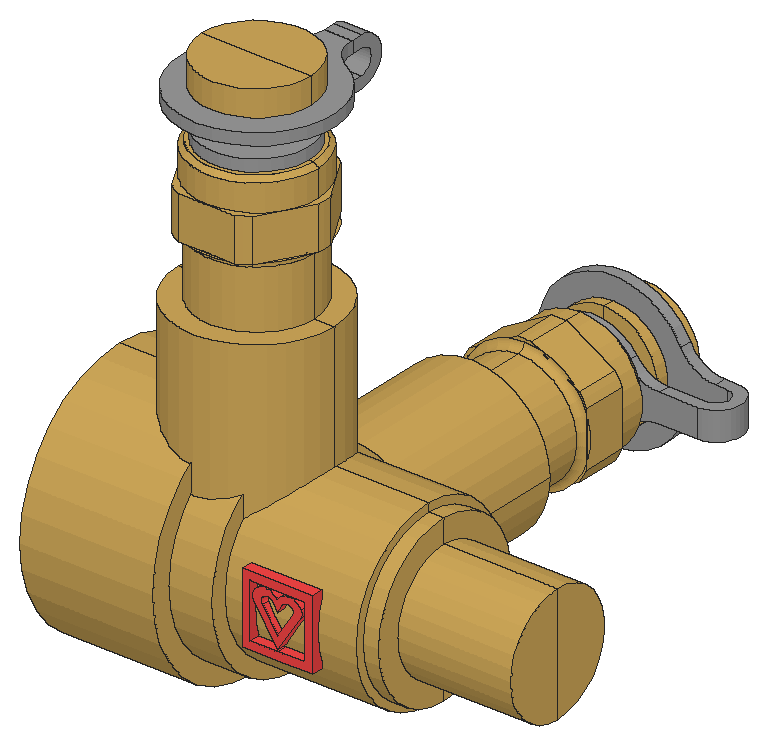
Revit family "HERZ измерительная диафрагма 4000", category Rohrzubehör, Revit 2018
Family settings
  Bemaßung runder Anschluss = Durchmesser verwenden
  Teiletyp = Unterbricht
  OmniClass-Nummer = 23.65.55.14
  OmniClass-Titel = Valves for Liquid Services
  Arbeitsebenenbasiert = Nein
  Immer vertikal = Ja
  Beim Laden mit Abzugskörper schneiden = Nein
  Gemeinsam genutzt = Nein
Parameters
  Среда = "Качество теплоносителя в соответствии с ÖNORM H5195 и VDI 2035.\r\nДопускается использование этилен- и пропиленгликоля в объемном соотношении 25-50 % с водой."
  Применение = "HERZ-измерительные диафрагмы устанавливаются на участках трубопроводов в системах отопления и холодоснабжения.\r\nИзмерительные диафрагмы могут устанавливаться как на подающей, так и на обратной линиях.\r\nОни устанавливаются либо вплотную к HERZ балансировочному клапану, образуя комплект, либо используются вместе с HERZ запорным клапаном.\r\nУчастки балансируются с помощью настроек балансировочного клапана при измерении потери давления на измерительной диафрагме."
  Номер заказа [instance] = size_lookup("4000_", "Artnr", 0, Nennweite)  # 1400001
  Мин. рабочая температура = -20 °C  # constant formula
  Макс. рабочее давление = 2000000.0 Pa  # constant formula
  Корпус = "латунь, CC770S"  # constant formula
  Исполнение = "Корпус измерительной диафрагмы выполнен из латуни, устойчивой к селективной цинковой коррозии.\r\nДва измерительных клапана встроены в диафрагму.\r\nСогласно EN 10226 на входе в диафрагму - муфта с внутренней резьба Rp и на выходе - наружная резьба R."
  kvs-значения [instance] = if(Nennweite = 15.00 mm, 2.2, if(Nennweite = 20.00 mm, 4.25, if(Nennweite = 25.00 mm, 8.6, if(Nennweite = 32.00 mm, 15.9, if(Nennweite = 40.00 mm, 23.7, if(Nennweite = 50.00 mm, 48, 0))))))  # 2.2
  URL = "www.herz-armaturen.ru"
  SCRNSEQ = "AWI;AWI_TYP=\"1001\";02"
  SCRNCODE = "02;01;02"  # constant formula
  S03 = 10.00 mm  # constant formula
  S02 [instance] = S01 - 10.00 mm  # 17.50 mm
  S01 [instance] = H01  # 27.50 mm
  R01 [instance] = size_lookup("4000_", "R1", 1.00 mm, Nennweite)  # 10.00 mm
  Nennweite [instance] = 15.00 mm
  Измерительные клапаны = "латунь, CW602N"  # constant formula
  Макс. рабочая температура (до DN32) = 130 °C  # constant formula
  Макс. рабочая температура (от DN40) = 110 °C  # constant formula
  LO01 [instance] = if(Nennweite = 15.00 mm, 30.00 mm, if(Nennweite = 20.00 mm, 32.00 mm, if(Nennweite = 25.00 mm, 37.00 mm, if(Nennweite = 32.00 mm, 42.00 mm, if(Nennweite = 40.00 mm, 42.00 mm, if(Nennweite = 50.00 mm, 45.00 mm, 0.00 mm))))))  # 30.00 mm
  L05 [instance] = size_lookup("4000_", "L5", 1.00 mm, Nennweite)  # 23.00 mm
  L04 [instance] = size_lookup("4000_", "L4", 1.00 mm, Nennweite)  # 16.50 mm
  L03 [instance] = size_lookup("4000_", "L3", 1.00 mm, Nennweite)  # 22.60 mm
  L02 [instance] = size_lookup("4000_", "L2", 1.00 mm, Nennweite)  # 17.00 mm
  L01 [instance] = size_lookup("4000_", "L1", 1.00 mm, Nennweite)  # 17.50 mm
  L00 [instance] = size_lookup("4000_", "L", 1.00 mm, Nennweite)  # 56.00 mm
  IG [instance] = Nennweite / 2  # 7.50 mm
  Hersteller = "HERZ Armaturen Ges.m.b.H."  # constant formula
  H01 [instance] = size_lookup("4000_", "H1", 1.00 mm, Nennweite)  # 27.50 mm
  GT1 [instance] = size_lookup("4000_", "GT1", 1.00 mm, Nennweite)  # 14.50 mm
  GT [instance] = size_lookup("4000_", "GT", 1.00 mm, Nennweite)  # 13.00 mm
  D04 [instance] = D03 - 1.00 mm  # 10.50 mm
  D03 [instance] = size_lookup("4000_", "D3", 1.00 mm, Nennweite)  # 11.50 mm
  D02 [instance] = size_lookup("4000_", "D2", 1.00 mm, Nennweite)  # 13.50 mm
  D01 [instance] = size_lookup("4000_", "D1", 1.00 mm, Nennweite)  # 16.00 mm
  AG [instance] = Nennweite / 2  # 7.50 mm
Reference planes
  plane 1 "Mitte (Vorne/hinten)": y = 0
  plane 2: z = 0
  plane 3 "Mitte (Links/rechts)": x = 0
Forms (mm)
  Revolve 1, solid, material "Messing, weicher Gelbton, geschweißt", detail levels fine
    sketch origin (0, 0, 0) x (1, 0, 0) y (0, 0, 1)
      loop
        line (-4.5, 0) -> (38.5, 0) -> (38.5, 7.5) -> (24, 7.5) -> (24, 10.5) -> (22, 10.5) -> (22, 11.5) -> (5.1, 11.5) -> (5.1, 13.5) -> (-0.5, 13.5) -> (-0.5, 16) -> (-17.5, 16) -> (-17.5, 7.5) -> (-4.5, 7.5) -> (-4.5, 0)
      axis (-17.5, 0) -> (38.5, 0)
    angle from 0 to 360
  Revolve 2, solid, material "Messing, weicher Gelbton, geschweißt", detail levels fine
    sketch origin (0, 0, 0) x (1, 0, 0) y (0, 0, 1)
      loop
        line (-10, 7.5) -> (0, 7.5) -> (0, 27.5) -> (-10, 27.5) -> (-10, 7.5)
      axis (0, 27.5) -> (0, 7.5)
    angle from 0 to 360
  Revolve 3, solid, material "Messing, weicher Gelbton, geschweißt", detail levels fine
    sketch origin (0, 0, 0) x (1, 0, 0) y (0, 1, 0)
      loop
        line (5.5, 7.5) -> (15.5, 7.5) -> (15.5, 27.5) -> (5.5, 27.5) -> (5.5, 7.5)
      axis (5.5, 27.5) -> (5.5, 7.5)
    angle from 0 to 360
Lines and regions (mm)
  model lines, detail levels coarse+medium
    curve 1: line (-17.5, 0, 0) -> (0.5, 0, 0)
    curve 2: line (10.5, 0, -27.5) -> (10.5, 0, 27.5)
    curve 3: line (20.5, 0, 17.5) -> (20.5, 0, -17.5)
    curve 4: line (20.5, 0, 0) -> (38.5, 0, 0)
    curve 5: line (0.5, 0, 17.5) -> (0.5, 0, -17.5)
    curve 6: line (-17.5, 0, 0) -> (0.5, 0, 0)
    curve 7: line (10.5, 27.5, 0) -> (10.5, -27.5, 0)
    curve 8: line (0.5, 17.5, 0) -> (0.5, -17.5, 0)
    curve 9: line (20.5, 17.5, 0) -> (20.5, -17.5, 0)
    curve 10: line (20.5, 0, 0) -> (38.5, 0, 0)
Dimensions and locks
  "L00": Revolve 1 sketch curve to Revolve 1 sketch curve
  "GT": Revolve 1 sketch curve to Revolve 1 sketch curve
  "L01": plane 3 "Mitte (Links/rechts)" to Revolve 1 sketch curve
  "GT1": Revolve 1 sketch curve to Revolve 1 sketch curve
  "L02": Revolve 1 sketch curve to Revolve 1 sketch curve
  "L03": Revolve 1 sketch curve to Revolve 1 sketch curve
  "L04": Revolve 1 sketch curve to Revolve 1 sketch curve
  "AG": Revolve 1 sketch curve to plane 2
  "IG": Revolve 1 sketch curve to plane 2
  "D01": Revolve 1 sketch curve to plane 2
  "D02": Revolve 1 sketch curve to plane 2
  "D03": Revolve 1 sketch curve to plane 2
  "D04": Revolve 1 sketch curve to plane 2
  "D03": nested 1 to plane 1 "Mitte (Vorne/hinten)"
  "LO01": Revolve 1 to nested 1
  "IG": Revolve 2 sketch curve to plane 2
  "H01": Revolve 2 sketch curve to plane 2
  "R01": plane 3 "Mitte (Links/rechts)" to Revolve 2 sketch curve
  "H01": nested 2 to plane 2
  "IG": plane 1 "Mitte (Vorne/hinten)" to Revolve 3 sketch curve
  "H01": plane 1 "Mitte (Vorne/hinten)" to Revolve 3 sketch curve
  "R01": Revolve 3 sketch curve to Revolve 3 sketch curve
  "L05": Revolve 1 to Revolve 3 sketch curve  (x2)
  "H01": plane 1 "Mitte (Vorne/hinten)" to nested 3
  "L05": Revolve 1 to nested 3
  "L01": Revolve 1 to nested 2
  "S01": curve 2 to curve 4 to curve 2
  "L00": curve 1 to curve 4
  "S02": curve 3 to curve 4 to curve 3
  "S03": curve 2 to curve 3
  "S03": curve 2 to curve 5
  equal spacing: curve 4, curve 2, curve 1
  "S02": curve 5 to curve 1 to curve 5
  "L01": plane 3 "Mitte (Links/rechts)" to curve 1
  "L00": curve 6 to curve 10
  equal spacing: curve 6, curve 7, curve 10
  "S03": curve 8 to curve 7 to curve 9
  "S02": curve 9 to curve 10 to curve 9
  "S02": curve 8 to curve 6 to curve 8
  "S01": curve 7 to curve 10 to curve 7
  "L01": curve 6 to plane 3 "Mitte (Links/rechts)"
  aligned and locked: level to plane 2
Automatic sketch dimensions
  curve 4 to level = 0.00 mm
  curve 1 to level = 0.00 mm
  plane 1 "Mitte (Vorne/hinten)" to curve 10 = 0.00 mm
  plane 1 "Mitte (Vorne/hinten)" to curve 6 = 0.00 mm
  Revolve 1 sketch curve to level = 0.00 mm  (x2)
  Revolve 1 sketch curve to Revolve 1 sketch curve = 1489.03 mm
  Revolve 1 sketch curve to Revolve 1 sketch curve = 1800.648 mm
  Revolve 2 sketch curve to plane 3 "Mitte (Links/rechts)" = 0.00 mm  (x2)
  Revolve 2 sketch curve to level = 366.045 mm
  Revolve 2 sketch curve to Revolve 2 sketch curve = 2186.815 mm
  Revolve 3 sketch curve to Revolve 3 sketch curve = 0.00 mm  (x2)
Nested families
  nested 1: "Herz-Logo-vorne" at (12.5, -11.5, 0) x (0, 1, 0) z (0, 0, 1), type "Herz-Logo-vorne", detail levels fine
  nested 2: "Messstutzen_Band_Eintritt_senkrecht_(oben)" at (0, 0, 18.5), type "Messstutzen_Band_Eintritt_senkrecht_(oben)", detail levels fine
    with Schutzkappe yes, Nennweite 0.00 mm, Gewicht 0.00 kg, Bestellnummer 0
  nested 3: "Messstutzen_Band_Austritt_waagrecht" at (5.5, 18.5, 0) x (0, -1, 0) z (0, 0, 1), type "Messstutzen_Band_Austritt_waagrecht", detail levels fine
    with Schutzkappe yes, Nennweite 0.00 mm, Gewicht 0.00 kg, Bestellnummer 0
Connectors
  piping at (-4.5, 0, 0), diameter 15, driven by "Nennweite"
    settings: on Revolve 1, index 1, connector inside diameter 609.6 mm, connector length 0.00 mm, flow factor 0, pipe flow 0.0 L/s, pressure drop 0.0 Pa, fitting loss kfactor 0, connector angle 0.00°, fixture units 0, engagement length 0.00 mm, angle of deflection 0.00°, flow configuration 0, flow direction 1, fitting loss method 0, system type 29, joint type 0, gender type 0, connector reference index -1, connector utility 0, adjustable connector no, is connector primary yes, connector description ""
  piping at (38.5, 0, 0), diameter 15, driven by "Nennweite"
    settings: on Revolve 1, index 2, connector inside diameter 609.6 mm, connector length 0.00 mm, flow factor 0, pipe flow 0.0 L/s, pressure drop 0.0 Pa, fitting loss kfactor 0, connector angle 0.00°, fixture units 0, engagement length 0.00 mm, angle of deflection 0.00°, flow configuration 0, flow direction 2, fitting loss method 0, system type 29, joint type 0, gender type 0, connector reference index -1, connector utility 0, adjustable connector no, is connector primary no, connector description ""
Definition of nested family "Herz-Logo-vorne"
  Reference planes
    plane 1 "Mitte (Vorne/hinten)": y = 0
    plane 2: z = 0
    plane 3 "Mitte (Links/rechts)": x = 0
  Forms (mm)
    Extrusion 1, solid
      sketch origin (0.732, -0.018, 0.017) x (0, -1, 0) y (0, 0, 1)
        loop
          line (-0.018, -4.517) -> (4.482, -4.517) -> (4.482, 4.483) -> (-4.518, 4.483) -> (-4.518, -4.517) -> (-0.018, -4.517)
        loop
          line (-0.05, -3.48) -> (3.482, -3.48) -> (3.482, 3.483) -> (-3.518, 3.483) -> (-3.518, -3.48) -> (-0.05, -3.48)
        loop
          arc (-0.018, 2.383) -> (-1.543, 3.287) -> (-3.067, 2.383) r 1.738
          arc (-3.067, 2.383) -> (-3.191, 1.899) -> (-3.067, 1.415) r 1.009
          line (-3.067, 1.415) -> (-0.018, -3.281) -> (3.032, 1.415)
          arc (3.032, 1.415) -> (3.156, 1.899) -> (3.032, 2.383) r 1.009
          arc (3.032, 2.383) -> (1.507, 3.287) -> (-0.018, 2.383) r 1.738
        loop
          arc (1.885, 1.272) -> (2.005, 1.675) -> (1.885, 2.079) r 0.74
          arc (1.885, 2.079) -> (1.265, 2.416) -> (0.644, 2.079) r 0.74
          line (0.644, 2.079) -> (-0.018, 0.97) -> (-0.679, 2.079)
          arc (-0.679, 2.079) -> (-1.3, 2.416) -> (-1.921, 2.079) r 0.74
          arc (-1.921, 2.079) -> (-2.04, 1.675) -> (-1.921, 1.272) r 0.74
          line (-1.921, 1.272) -> (-0.018, -1.658) -> (1.885, 1.272)
      from 0 to 1.5
  Dimensions and locks
    aligned and locked: level to plane 2
Definition of nested family "Messstutzen_Band_Eintritt_senkrecht_(oben)"
  Parameters (values of type "Messstutzen_Band_Eintritt_senkrecht_(oben)")
    URL = "www.herz-armaturen.at"
    Schutzkappe [instance] = yes
    Nennweite [instance] = 0.00 mm
    Manufacturer = "Herz Armaturen GmbH"  # constant formula
    Gewicht [instance] = 0.00 kg
    Bestellnummer [instance] = 0
  Reference planes
    plane 1 "Mitte (Vorne/hinten)": y = 0
    plane 2: z = 0
    plane 3 "Mitte (Links/rechts)": x = 0
    plane 4 "Schlaufe 1": z = -27
    plane 5 "Schlaufe 2": z = -31.678
  Forms (mm)
    Revolve 1, solid, detail levels fine
      sketch origin (0, 0, 0) x (1, 0, 0) y (0, 0, 1)
        loop
          line (-7.4, 9) -> (-5.55, 9) -> (-5.55, 6)
          arc (-5.55, 6) -> (-5.626, 5.617) -> (-5.843, 5.293) r 1
          line (-5.843, 5.293) -> (-6.455, 4.681) -> (-6.455, 0.9) -> (-5.555, 0) -> (-2, 0) -> (-2, 17.5) -> (-8.4, 17.5)
          arc (-8.4, 17.5) -> (-7.693, 17.207) -> (-7.4, 16.5) r 1
          line (-7.4, 16.5) -> (-7.4, 9)
        loop
          line (-3.7, 27) -> (-7.3, 27) -> (-7.9, 26.4) -> (-7.9, 23) -> (-2, 23) -> (-2, 35.8) -> (-3.805, 35.8) -> (-4.415, 35.19) -> (-4.415, 30.863) -> (-3.7, 30.45) -> (-3.7, 27)
        axis (0, 0) -> (0, 35.8)
      angle from 0 to 360
    Extrusion 2, solid, detail levels fine
      sketch origin (0, 0, 17.5) x (0, 1, 0) y (-1, 0, 0)
        loop
          arc (-7.07, 5.156) -> (-7.578, 4.375) -> (-8, 3.544) r 8.75
          line (-8, 3.544) -> (-8, -3.544)
          arc (-8, -3.544) -> (-7.578, -4.375) -> (-7.07, -5.156) r 8.75
          line (-7.07, -5.156) -> (-0.93, -8.7)
          arc (-0.93, -8.7) -> (0, -8.75) -> (0.93, -8.7) r 8.75
          line (0.93, -8.7) -> (7.07, -5.156)
          arc (7.07, -5.156) -> (7.578, -4.375) -> (8, -3.544) r 8.75
          line (8, -3.544) -> (8, 3.544)
          arc (8, 3.544) -> (7.578, 4.375) -> (7.07, 5.156) r 8.75
          line (7.07, 5.156) -> (0.93, 8.7)
          arc (0.93, 8.7) -> (0, 8.75) -> (-0.93, 8.7) r 8.75
          line (-0.93, 8.7) -> (-7.07, 5.156)
      from 0 to 5.5
    Revolve 3, solid, visible <- "Schutzkappe", detail levels fine
      sketch origin (0, 0, 0) x (1, 0, 0) y (0, 0, 1)
        loop
          line (0, 35.878) -> (0, 36.678) -> (-7, 36.678) -> (-7, 33.378) -> (-6.1, 33.378) -> (-6.1, 31.678) -> (-6.9, 31.678) -> (-6.9, 30.178) -> (-4.415, 30.178) -> (-4.415, 35.268) -> (-3.805, 35.878) -> (0, 35.878)
        axis (0, 30.178) -> (0, 36.678)
      angle from 0 to 360
    Extrusion 4, solid, detail levels fine
      sketch origin (0, 0, 28.5) x (1, 0, 0) y (0, 1, 0)
        loop
          circle (0, 0) r 3.7
        loop
          arc (-3.906, 5.505) -> (0, -6.75) -> (3.906, 5.505) r 6.75
          arc (3.906, 5.505) -> (2.358, 7.288) -> (1.8, 9.582) r 5
          line (1.8, 9.582) -> (-1.8, 9.582)
          arc (-1.8, 9.582) -> (-2.358, 7.288) -> (-3.906, 5.505) r 5
      from 0 to -1.5
    Extrusion 5, solid, detail levels fine
      sketch origin (0, 0, 33.178) x (1, 0, 0) y (0, 1, 0)
        loop
          circle (0, 0) r 6.1
        loop
          arc (-4.495, 8.652) -> (0, -9.75) -> (4.495, 8.652) r 9.75
          arc (4.495, 8.652) -> (2.527, 10.493) -> (1.8, 13.089) r 5
          line (1.8, 13.089) -> (-1.8, 13.089)
          arc (-1.8, 13.089) -> (-2.527, 10.493) -> (-4.495, 8.652) r 5
      from 0 to -1.5
    Sweep 6, solid, detail levels fine
      path origin (0, 0, 0) x (0, 0, -1) y (0, -1, 0)
        loop
          line (-27.75, -9.582) -> (-27.75, -14.522)
          arc (-27.75, -14.522) -> (-30.089, -16.862) -> (-32.428, -14.522) r 2.339
          line (-32.428, -14.522) -> (-32.428, -13.089)
      profile origin (0, 12.052, 27.75) x (0, 0, 1) y (1, 0, 0)
        loop
          line (-0.75, -1.8) -> (0.75, -1.8) -> (0.75, 1.8) -> (-0.75, 1.8) -> (-0.75, -1.8)
  Dimensions and locks
    aligned and locked: level to plane 2
Definition of nested family "Messstutzen_Band_Austritt_waagrecht"
  Parameters (values of type "Messstutzen_Band_Austritt_waagrecht")
    URL = "www.herz-armaturen.at"
    Schutzkappe [instance] = yes
    Nennweite [instance] = 0.00 mm
    Manufacturer = "Herz Armaturen GmbH"  # constant formula
    Gewicht [instance] = 0.00 kg
    Bestellnummer [instance] = 0
  Reference planes
    plane 1 "Mitte (Vorne/hinten)": y = 0
    plane 2: z = 0
    plane 3 "Mitte (Links/rechts)": x = 0
  Forms (mm)
    Revolve 1, solid, detail levels fine
      sketch origin (0, 0, 0) x (0, 0, -1) y (1, 0, 0)
        loop
          line (-7.4, -9) -> (-7.4, -16.5)
          arc (-7.4, -16.5) -> (-7.693, -17.207) -> (-8.4, -17.5) r 1
          line (-8.4, -17.5) -> (-2, -17.5) -> (-2, 0) -> (-5.555, 0) -> (-6.455, -0.9) -> (-6.455, -4.681) -> (-5.843, -5.293)
          arc (-5.843, -5.293) -> (-5.626, -5.617) -> (-5.55, -6) r 1
          line (-5.55, -6) -> (-5.55, -9) -> (-7.4, -9)
        loop
          line (-3.7, -27) -> (-3.7, -30.45) -> (-4.415, -30.863) -> (-4.415, -35.19) -> (-3.805, -35.8) -> (-2, -35.8) -> (-2, -23) -> (-7.9, -23) -> (-7.9, -26.4) -> (-7.3, -27) -> (-3.7, -27)
        axis (0, 0) -> (0, -35.8)
      angle from 0 to 360
    Extrusion 2, solid, detail levels fine
      sketch origin (-17.5, 0, 0) x (0, 0, 1) y (0, 1, 0)
        loop
          line (5.156, -7.07) -> (8.7, -0.93)
          arc (8.7, -0.93) -> (8.75, 0) -> (8.7, 0.93) r 8.75
          line (8.7, 0.93) -> (5.156, 7.07)
          arc (5.156, 7.07) -> (4.375, 7.578) -> (3.544, 8) r 8.75
          line (3.544, 8) -> (-3.544, 8)
          arc (-3.544, 8) -> (-4.375, 7.578) -> (-5.156, 7.07) r 8.75
          line (-5.156, 7.07) -> (-8.7, 0.93)
          arc (-8.7, 0.93) -> (-8.75, 0) -> (-8.7, -0.93) r 8.75
          line (-8.7, -0.93) -> (-5.156, -7.07)
          arc (-5.156, -7.07) -> (-4.375, -7.578) -> (-3.544, -8) r 8.75
          line (-3.544, -8) -> (3.544, -8)
          arc (3.544, -8) -> (4.375, -7.578) -> (5.156, -7.07) r 8.75
      from 0 to 5.5
    Revolve 3, solid, visible <- "Schutzkappe", detail levels fine
      sketch origin (0, 0, 0) x (0, 0, -1) y (1, 0, 0)
        loop
          line (0, -35.878) -> (-3.805, -35.878) -> (-4.415, -35.268) -> (-4.415, -30.178) -> (-6.9, -30.178) -> (-6.9, -31.678) -> (-6.1, -31.678) -> (-6.1, -33.378) -> (-7, -33.378) -> (-7, -36.678) -> (0, -36.678) -> (0, -35.878)
        axis (0, -30.178) -> (0, -36.678)
      angle from 0 to 360
    Extrusion 4, solid, detail levels fine
      sketch origin (-27, 0, 0) x (0, 1, 0) y (0, 0, 1)
        loop
          circle (0, 0) r 3.7
        loop
          arc (5.505, 3.906) -> (-6.75, 0) -> (5.505, -3.906) r 6.75
          arc (5.505, -3.906) -> (7.288, -2.358) -> (9.582, -1.8) r 5
          line (9.582, -1.8) -> (9.582, 1.8)
          arc (9.582, 1.8) -> (7.288, 2.358) -> (5.505, 3.906) r 5
      from 0 to -1.5
    Extrusion 5, solid, detail levels fine
      sketch origin (-31.678, 0, 0) x (0, 1, 0) y (0, 0, 1)
        loop
          circle (0, 0) r 6.1
        loop
          arc (8.652, 4.495) -> (-9.75, 0) -> (8.652, -4.495) r 9.75
          arc (8.652, -4.495) -> (10.493, -2.527) -> (13.089, -1.8) r 5
          line (13.089, -1.8) -> (13.089, 1.8)
          arc (13.089, 1.8) -> (10.493, 2.527) -> (8.652, 4.495) r 5
      from 0 to -1.5
    Sweep 6, solid, detail levels fine
      path origin (0, 0, 0) x (0, -1, 0) y (1, 0, 0)
        loop
          line (-9.582, -27.75) -> (-14.522, -27.75)
          arc (-14.522, -27.75) -> (-16.862, -30.089) -> (-14.522, -32.428) r 2.339
          line (-14.522, -32.428) -> (-13.089, -32.428)
      profile origin (-27.75, 12.052, 0) x (-1, 0, 0) y (0, 0, 1)
        loop
          line (-0.75, 1.8) -> (-0.75, -1.8) -> (0.75, -1.8) -> (0.75, 1.8) -> (-0.75, 1.8)
  Cuts and joins
    joined: Extrusion 4, Extrusion 5, Sweep 6
  Dimensions and locks
    aligned and locked: level to plane 2
